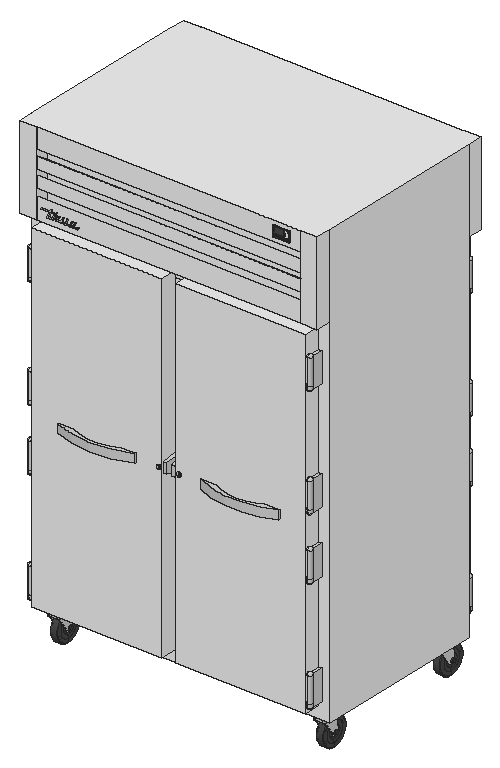
Revit family (continued)
Automatic sketch dimensions
  plane 7 to Extrusion 87 sketch curve = 3.62579"
  Extrusion 87 sketch curve to Extrusion 87 sketch curve = 4.47281"
  Extrusion 88 sketch curve to plane 1 "BACK" = 0.2"  (x2)
  Extrusion 88 sketch curve to plane 1 "BACK" = 0"  (x2)
  plane 1 "BACK" to Extrusion 88 sketch curve = 7.77899"
  plane 14 to Extrusion 88 sketch curve = 2.97406"
  Extrusion 88 sketch curve to plane 8 = 5.95"
  Extrusion 88 sketch curve to Extrusion 88 sketch curve = 2.4"
  Extrusion 88 sketch curve to Extrusion 88 sketch curve = 4.4"
  Extrusion 88 sketch curve to Extrusion 88 sketch curve = 0"
  Extrusion 89 sketch curve to plane 1 "BACK" = 0.2"  (x2)
  Extrusion 89 sketch curve to plane 1 "BACK" = 0"  (x2)
  plane 1 "BACK" to Extrusion 89 sketch curve = 7.77899"
  plane 14 to Extrusion 89 sketch curve = 2.97406"
  plane 9 to Extrusion 89 sketch curve = 3.99688"
  Extrusion 89 sketch curve to Extrusion 89 sketch curve = 2.4"
  Extrusion 89 sketch curve to plane 12 = 12 19/32"
  Extrusion 89 sketch curve to Extrusion 89 sketch curve = 0"
  Extrusion 3 to Extrusion 90 sketch curve = 0"  (x2)
  Extrusion 90 sketch curve to Extrusion 90 sketch curve = 1"
  Extrusion 3 to Extrusion 90 sketch curve = 1"
  Extrusion 3 to Extrusion 90 sketch curve = 22 1/8"  (x2)
  Extrusion 90 sketch curve to Extrusion 90 sketch curve = 4 1/32"  (x2)
  Extrusion 92 sketch curve to plane 9 = 3/4"
  Extrusion 92 sketch curve to plane 12 = 1 1/8"
  Extrusion 92 sketch curve to plane 8 = 1 9/32"
  plane 10 to Extrusion 92 sketch curve = 19/32"
  plane 7 to Extrusion 92 sketch curve = 1 29/32"  (x2)
  Extrusion 92 sketch curve to plane 6 "TOP" = 16 5/32"
  Extrusion 92 sketch curve to Extrusion 92 sketch curve = 0"
  plane 5 "FRONT" to Extrusion 93 sketch curve = 0.2"  (x2)
  plane 5 "FRONT" to Extrusion 93 sketch curve = 0"  (x2)
  Extrusion 93 sketch curve to plane 5 "FRONT" = 7.77899"
  Extrusion 93 sketch curve to plane 14 = 2.97406"
  Extrusion 93 sketch curve to plane 10 = 3.91875"
  Extrusion 93 sketch curve to Extrusion 93 sketch curve = 2.4"
  Extrusion 93 sketch curve to plane 8 = 12 3/4"
  Extrusion 93 sketch curve to Extrusion 93 sketch curve = 0"
  plane 5 "FRONT" to Extrusion 94 sketch curve = 0.2"  (x2)
  plane 5 "FRONT" to Extrusion 94 sketch curve = 0"  (x2)
  Extrusion 94 sketch curve to plane 5 "FRONT" = 7.77899"
  Extrusion 94 sketch curve to plane 14 = 2.97406"
  Extrusion 94 sketch curve to plane 12 = 5.79375"
  Extrusion 94 sketch curve to Extrusion 94 sketch curve = 2.4"
  Extrusion 94 sketch curve to Extrusion 94 sketch curve = 4.4"
  Extrusion 94 sketch curve to Extrusion 94 sketch curve = 0"
  plane 1 "BACK" to curve 1 = 0"
  curve 1 to plane 3 "LEFT" = 0"
  curve 25 to plane 5 "FRONT" = 0"
  curve 5 to plane 4 "RIGHT" = 0"
  plane 3 "LEFT" to curve 11 = 1.20097"
  plane 3 "LEFT" to curve 7 = 1.20097"
  curve 36 to plane 9 = 3/4"
  curve 24 to plane 9 = 3/4"
  curve 13 to plane 9 = 11/32"
  curve 8 to plane 9 = 11/32"
  plane 1 "BACK" to curve 11 = 3.1708"
  plane 9 to curve 11 = 0.98222"
  plane 9 to curve 7 = 0.60602"
  plane 5 "FRONT" to curve 38 = 0.2"  (x2)
  plane 9 to curve 38 = 3.7375"
  curve 10 to curve 28 = 1.45624"
  curve 28 to curve 29 = 2.4"
  curve 40 to curve 41 = 2.4"
  curve 29 to curve 29 = 4.4"
  plane 14 to curve 26 = 2.97406"
  curve 26 to curve 29 = 0"
  curve 38 to curve 26 = 0"
  curve 41 to curve 38 = 0"
  curve 26 to plane 1 "BACK" = 0.2"
  curve 29 to curve 26 = 2.4"
  curve 25 to plane 12 = 1 1/8"
  curve 37 to plane 12 = 1 1/8"
  curve 23 to plane 8 = 1 9/32"
  curve 35 to plane 8 = 1 9/32"
  curve 35 to curve 31 = 4.56875"
  plane 5 "FRONT" to curve 43 = 0.2"
  curve 23 to curve 43 = 4.69375"
  curve 43 to curve 45 = 2.4"
  curve 31 to curve 33 = 2.4"
  plane 14 to curve 30 = 2.97406"
  curve 30 to plane 8 = 12.65"
  curve 45 to curve 45 = 4.4"
  curve 33 to curve 30 = 0"
  curve 30 to curve 42 = 1/8"
  curve 30 to plane 1 "BACK" = 0.2"
  curve 33 to curve 30 = 2.4"
  curve 45 to curve 44 = 2.4"
  curve 20 to plane 10 = 2.55528"
  curve 16 to plane 10 = 2.55528"
  curve 16 to plane 10 = 1.25624"
  curve 21 to plane 10 = 1.25624"
  plane 10 to curve 14 = 0.06972"
  plane 10 to curve 18 = 0.06972"
  plane 10 to curve 34 = 19/32"
  plane 10 to curve 23 = 19/32"
  curve 34 to curve 35 = 0"
  curve 22 to curve 23 = 0"
  curve 5 to plane 5 "FRONT" = 2 1/4"
  curve 20 to plane 5 "FRONT" = 3.92849"
  curve 5 to curve 9 = 1.78257"
  curve 20 to curve 19 = 3/4"
  curve 8 to curve 8 = 3/4"
  curve 41 to plane 5 "FRONT" = 7.77899"
  curve 45 to plane 5 "FRONT" = 7.77899"
  curve 38 to plane 14 = 2.97406"
  curve 42 to plane 14 = 2.97406"
  curve 26 to curve 29 = 7.30945"
  curve 30 to curve 33 = 7.30945"
  curve 12 to curve 10 = 5.29663"
  plane 1 "BACK" to curve 16 = 8.46743"
  curve 16 to curve 15 = 3/4"
  curve 46 to curve 1 = 2 1/4"
  Extrusion 55 sketch curve to plane 5 "FRONT" = 0"  (x2)
  plane 10 to Extrusion 55 sketch curve = 19/32"
  Extrusion 55 sketch curve to plane 8 = 1 9/32"
  plane 8 to Extrusion 55 sketch curve = 1 1/8"
  Extrusion 55 sketch curve to plane 9 = 3/4"
  plane 1 "BACK" to Extrusion 91 sketch curve = 0"  (x2)
  plane 10 to Extrusion 91 sketch curve = 19/32"
  Extrusion 91 sketch curve to plane 8 = 1 9/32"
  plane 8 to Extrusion 91 sketch curve = 1 1/8"
  Extrusion 91 sketch curve to plane 9 = 3/4"
  radius of Extrusion 6 sketch curve = 0.35"  (x2)
  radius of Extrusion 8 sketch curve = 1/4"
  radius of Extrusion 56 sketch curve = 1 1/2"
  radius of Extrusion 57 sketch curve = 1 1/2"
  radius of Extrusion 58 sketch curve = 1 1/2"
  radius of Extrusion 59 sketch curve = 1 1/2"
  radius of Extrusion 61 sketch curve = 0.35"  (x2)
Connectors (in)
  electrical at (49.53125, -0.0625, 82), driven by "Volts", driven by "Watts"
    settings: on Extrusion 8, index 1, voltage 208 V, apparent load 3000 VA, apparent load phase1 0 VA, apparent load phase2 0 VA, apparent load phase3 0 VA, power factor 1, load classification "Other", number of poles 1, system type 30, power factor state 1, is connector primary yes, connector utility no, sub classification motor no, connector description "Electrical Connection"
